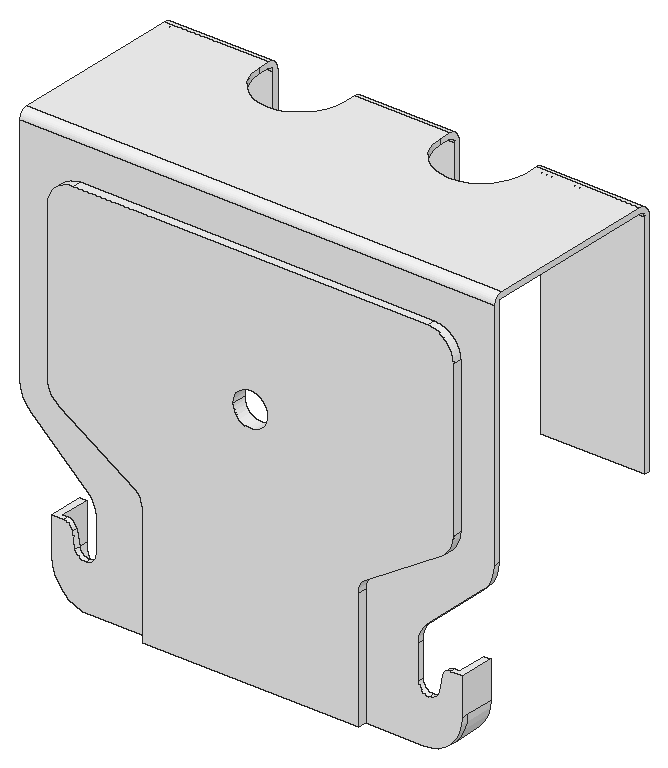
Revit family "wclip_40", category 機械設備, Revit 2022
Family settings
  丸型コネクタ寸法 = 直径を使用
  種別 = なし
  パーツ タイプ = 標準
  作業面ベース = いいえ
  常に垂直 = はい
  ロード時にボイドで切り取り = いいえ
  注釈の向きを維持 = いいえ
  共有 = いいえ
  部屋計算ポイント = いいえ
Parameters
  製造元 = "株式会社桐井製作所"
  既定の高さ = 0 mm
  URL = "https://www.kirii.co.jp/"
  K_品名 = "特殊40mmWクリップ"
  K_名称 = "特殊クリップ"
  K_入数 = "500"
  K_バージョン情報 = "20211012"
Reference planes
  plane 1 "中心(正面/背面)": y = 0
  plane 2: z = 0
  plane 3 "中心(左/右)": x = 0
Forms (mm)
  Extrusion 1, solid
    sketch origin (0, 30, 0) x (0, 1, 0) y (0, 0, 1)
      loop
        line (-30, 0) -> (-29.4, -0.6) -> (-29.4, 48.9) -> (-9, 48.9)
        arc (-9, 48.9) -> (-8.54, 48.71) -> (-8.35, 48.25) r 0.65
        line (-8.35, 48.25) -> (-8.35, 20.95) -> (-7.75, 21.55) -> (-7.75, 48.25)
        arc (-7.75, 48.25) -> (-8.116, 49.134) -> (-9, 49.5) r 1.25
        line (-9, 49.5) -> (-29, 49.5)
        arc (-29, 49.5) -> (-29.707, 49.207) -> (-30, 48.5) r 1
        line (-30, 48.5) -> (-30, 0)
    from -27.5 to 27.5
  Extrusion 2, void
    sketch origin (0, -0.6, -0.8) x (0, 1, 0) y (0, 0, 1)
      loop
        line (0.387, 0.8) -> (0.387, -0.064) -> (1.428, -0.064) -> (1.428, 0.8) -> (0.387, 0.8)
    from -27.5 to 27.5
  Extrusion 3, solid
    sketch origin (0, 0, 0) x (1, 0, 0) y (0, 0, 1)
      loop
        arc (-20.5, 44.5) -> (-22.621, 43.621) -> (-23.5, 41.5) r 3
        line (-23.5, 41.5) -> (-23.5, 23.647)
        arc (-23.5, 23.647) -> (-23.13, 22.203) -> (-22.111, 21.116) r 3
        line (-22.111, 21.116) -> (-13.426, 15.589)
        arc (-13.426, 15.589) -> (-12.747, 14.865) -> (-12.5, 13.902) r 2
        line (-12.5, 13.902) -> (-12.5, 0) -> (12.5, 0) -> (12.5, 13.902)
        arc (12.5, 13.902) -> (12.747, 14.865) -> (13.426, 15.589) r 2
        line (13.426, 15.589) -> (22.111, 21.116)
        arc (22.111, 21.116) -> (23.13, 22.203) -> (23.5, 23.647) r 3
        line (23.5, 23.647) -> (23.5, 41.5)
        arc (23.5, 41.5) -> (22.621, 43.621) -> (20.5, 44.5) r 3
        line (20.5, 44.5) -> (-20.5, 44.5)
    from 0 to 1
  Extrusion 4, void
    sketch origin (0, 0, 0) x (1, 0, 0) y (0, 0, 1)
      loop
        line (-27.5, 21.576) -> (-27.5, 0) -> (-19.3, 0)
        arc (-19.3, 0) -> (-22.482, 1.318) -> (-23.8, 4.5) r 4.5
        line (-23.8, 4.5) -> (-23.8, 8.8) -> (-22.426, 8.8)
        arc (-22.426, 8.8) -> (-21.789, 8.571) -> (-21.444, 7.989) r 1
        line (-21.444, 7.989) -> (-21.1, 6.2)
        arc (-21.1, 6.2) -> (-20.65, 5.55) -> (-19.9, 5.3) r 1.25
        arc (-19.9, 5.3) -> (-19.016, 5.666) -> (-18.65, 6.55) r 1.25
        line (-18.65, 6.55) -> (-18.65, 10.467)
        arc (-18.65, 10.467) -> (-18.908, 11.685) -> (-19.638, 12.693) r 3
        line (-19.638, 12.693) -> (-26.182, 18.609)
        arc (-26.182, 18.609) -> (-27.156, 19.953) -> (-27.5, 21.576) r 4
      loop
        arc (27.5, 21.576) -> (27.156, 19.953) -> (26.182, 18.609) r 4
        line (26.182, 18.609) -> (19.638, 12.693)
        arc (19.638, 12.693) -> (18.908, 11.685) -> (18.65, 10.467) r 3
        line (18.65, 10.467) -> (18.65, 6.55)
        arc (18.65, 6.55) -> (19.016, 5.666) -> (19.9, 5.3) r 1.25
        arc (19.9, 5.3) -> (20.65, 5.55) -> (21.1, 6.2) r 1.25
        line (21.1, 6.2) -> (21.444, 7.989)
        arc (21.444, 7.989) -> (21.789, 8.571) -> (22.426, 8.8) r 1
        line (22.426, 8.8) -> (23.8, 8.8) -> (23.8, 4.5)
        arc (23.8, 4.5) -> (22.482, 1.318) -> (19.3, 0) r 4.5
        line (19.3, 0) -> (27.5, 0) -> (27.5, 21.576)
    from -0.6 to 0.455
  Extrusion 5, solid
    sketch origin (0, 0, 0) x (1, 0, 0) y (0, 0, 1)
      loop
        arc (-23.8, 4.5) -> (-22.482, 1.318) -> (-19.3, 0) r 4.5
        line (-19.3, 0) -> (19.3, 0)
        arc (19.3, 0) -> (22.482, 1.318) -> (23.8, 4.5) r 4.5
        line (23.8, 4.5) -> (23.8, 8.8) -> (23, 8.8) -> (23, 4.5)
        arc (23, 4.5) -> (21.916, 1.884) -> (19.3, 0.8) r 3.7
        line (19.3, 0.8) -> (-19.3, 0.8)
        arc (-19.3, 0.8) -> (-21.916, 1.884) -> (-23, 4.5) r 3.7
        line (-23, 4.5) -> (-23, 8.8) -> (-23.8, 8.8) -> (-23.8, 4.5)
    from -4 to 0
  Extrusion 6, void
    sketch origin (0, 9.471, 15.871) x (1, 0, 0) y (0, 1, 0)
      loop
        line (-15.5, 12.779) -> (-15.5, 10.029)
        arc (-15.5, 10.029) -> (-14.036, 6.493) -> (-10.5, 5.029) r 5
        arc (-10.5, 5.029) -> (-6.964, 6.493) -> (-5.5, 10.029) r 5
        line (-5.5, 10.029) -> (-5.5, 12.779) -> (-15.5, 12.779)
      loop
        line (5.5, 12.779) -> (5.5, 10.029)
        arc (5.5, 10.029) -> (6.964, 6.493) -> (10.5, 5.029) r 5
        arc (10.5, 5.029) -> (14.036, 6.493) -> (15.5, 10.029) r 5
        line (15.5, 10.029) -> (15.5, 12.779) -> (5.5, 12.779)
    from 5.705 to 33.629
  Extrusion 7, void
    sketch origin (0, 5.371, -3.224) x (0, 1, 0) y (0, 0, 1)
      loop
        line (15.756, 24.774) -> (15.756, 23.53) -> (16.879, 23.53) -> (16.879, 24.774) -> (15.756, 24.774)
    from -27.5 to 27.5
  Extrusion 8, void
    sketch origin (0, 0, 0) x (1, 0, 0) y (0, 0, 1)
      loop
        circle (0, 28.55) r 2
    from -0.6 to 1
Cuts and joins
  Extrusion 2, Extrusion 4, Extrusion 6, Extrusion 7, Extrusion 8 cuts Extrusion 1
  Extrusion 7, Extrusion 8 cuts Extrusion 3
  Extrusion 7, Extrusion 8 cuts Extrusion 5
  joined: Extrusion 1, Extrusion 3, Extrusion 5
Dimensions and locks
  aligned and locked: level to plane 2
